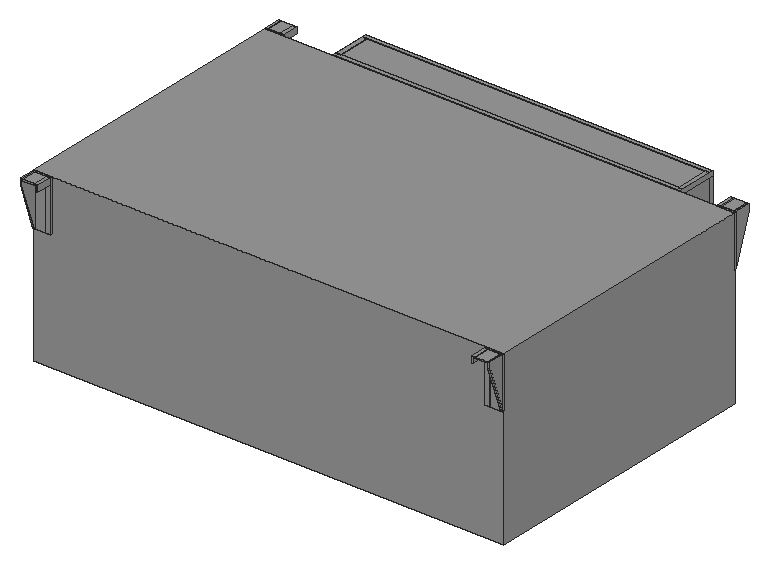
Revit family "НЕВАТОМ_Neiva 2 подвесная C-Е-R 1500, Версия 2", category Оборудование, Revit 2017
Family settings
  Размер круглого соединителя = Использовать диаметр
  Тип детали = Нормальный
  На основе рабочей плоскости = Да
  Всегда вертикально = Нет
  При загрузке вырезать с полостями = Нет
  Общий = Нет
  Точка расчета площади = Нет
Parameters (values of type "C-1500-E-R")
  длина между креплением = 1062 mm
  а ширина = 100 mm
  Default Elevation = 0 mm
  А6 = 320 mm
  А1 = 630 mm
  c = 131 mm
  Nevatom_Производительность = "1000-1800 м³/ч"
  Nevatom_Напорная характеристика, Р1 = 1000.0 Pa
  Nevatom_Напорная характеристика, P = 0.0 Pa
  Nevatom_Мощность нагревателя = 24000 W
  Nevatom_Q1, м³/ч = 2000.0 m³/h
  Nevatom_Q, м³/ч = 1000.0 m³/h
  H щита = 412 mm
  b длина = 835 mm
  Nevatom_Регулятор воздуха [instance] = ""
  Nevatom_Для задания электроснабжения [instance] = "380 В"
  Nevatom_URL [instance] = ""
  L = 1130 mm
  H = 412 mm
  D кабельного ввода PG 36 = 50 mm
  D кабельного ввода PG 21 = 32 mm
  B = 694 mm
  ADSK_Ток = 4.55 A
  ADSK_Расход воздуха = 0.0 m³/h
  ADSK_Размер_Ширина = B  # 694 mm
  ADSK_Размер_Длина = L  # 1130 mm
  ADSK_Размер_Высота = H  # 412 mm
  ADSK_Потеря давления воздуха = 0.0 Pa
  ADSK_Полная мощность = ADSK_Номинальная мощность / ADSK_Коэффициент мощности  # 747.5 VA
  ADSK_Позиция [instance] = ""
  ADSK_Номинальная мощность = 598 W
  ADSK_Напряжение = 230 V
  ADSK_Наименование = "C-1500-E-R"
  ADSK_Материал наименование [instance] = "сталь оцинкованная с покрытием"
  ADSK_Масса = 74  # constant formula
  ADSK_Марка [instance] = "C-1500-E-R"
  ADSK_Коэффициент мощности = 0.8  # constant formula
  ADSK_Количество фаз = 1
  ADSK_Количество = 1  # constant formula
  ADSK_Код изделия [instance] = ""
  ADSK_Классификация нагрузок = Двигатель
  ADSK_Завод-изготовитель [instance] = "NEVATOM"
  ADSK_Единица измерения [instance] = "шт."
Reference planes
  plane 1 "По центру (Вперед/Назад)": y = 0
  plane 2: z = 0
  plane 3 "По центру (Влево/Вправо)": x = 0
  plane 4: y = 347
  plane 5: x = 565
  plane 6: y = -347
  plane 7: x = -565
  plane 8: z = 412
  plane 9: x = 500
  plane 10: x = -500
  plane 11: y = -447
  plane 12: x = -401
  plane 13: x = 434
  plane 14: x = -536.5
  plane 15: x = 525.5
  plane 16: z = 362
  plane 17: z = 412
  plane 18: y = 447
Forms (mm)
  Extrusion 1, solid, material "Сталь, окрашенная, слоновая кость, блестящая"
    sketch origin (0, 1073.759, -352) x (1, 0, 0) y (0, 1, 0)
      loop
        line (-401, -626.759) -> (-401, -726.759) -> (434, -726.759) -> (434, -626.759) -> (-401, -626.759)
    from 352 to 362
  Extrusion 2, solid, material "Сталь, окрашенная, слоновая кость, блестящая"
    sketch origin (0, 0, 0) x (1, 0, 0) y (0, 1, 0)
      loop
        line (-565, 347) -> (-565, -347) -> (565, -347) -> (565, 347) -> (-565, 347)
    from 0 to 412
  Extrusion 3, solid, material "Сталь, окрашенная, слоновая кость, блестящая"
    sketch origin (0, 0, 0) x (1, 0, 0) y (0, 1, 0)
      loop
        line (-401, 347) -> (434, 347) -> (434, 357.139) -> (-401, 357.139) -> (-401, 347)
      loop
        line (-401, 446.49) -> (-401, 436.49) -> (434, 436.49) -> (434, 446.49) -> (-401, 446.49)
    from 0 to 412
  Extrusion 4, solid, material "Сталь, окрашенная, слоновая кость, блестящая"
    sketch origin (0, 0, 0) x (1, 0, 0) y (0, 1, 0)
      loop
        line (-401, 357.139) -> (-390.851, 357.139) -> (-390.851, 436.49) -> (-401, 436.49) -> (-401, 357.139)
    from 0 to 412
  Extrusion 5, solid, material "Сталь, окрашенная, слоновая кость, блестящая"
    sketch origin (761.851, 0, 0) x (1, 0, 0) y (0, 1, 0)
      loop
        line (-338, 357.139) -> (-327.851, 357.139) -> (-327.851, 436.49) -> (-338, 436.49) -> (-338, 357.139)
    from 0 to 412
  Extrusion 6, solid, material "Сталь, окрашенная, слоновая кость, блестящая"
    sketch origin (0, 1073.759, -72) x (1, 0, 0) y (0, 1, 0)
      loop
        line (-401, -626.759) -> (-401, -726.759) -> (434, -726.759) -> (434, -626.759) -> (-401, -626.759)
    from 474 to 484
Lines and regions (mm)
  reference lines
    curve 1: line (-565, -347, 0) -> (-401, -347, 0)
    curve 2: line (-565, -347, 0) -> (-401, -347, 0)
    curve 3: line (-565, -347, 0) -> (-401, -347, 0)
    curve 4: line (565, -347, 0) -> (434, -347, 0)
    curve 5: line (-565, -347, 0) -> (-401, -347, 0)
    curve 6: line (525.5, 0, 3.126) -> (525.5, 0, -1.874)
Dimensions and locks
  equal spacing: plane 7, plane 3 "По центру (Влево/Вправо)", plane 5
  equal spacing: plane 6, plane 1 "По центру (Вперед/Назад)", plane 4
  "B": plane 6 to plane 4
  "L": plane 7 to plane 5
  "а ширина": plane 6 to plane 11
  plane 8 to level = 412 mm
  "длина между креплением": plane 14 to plane 15
  "H": plane 8 to level
  locked: Extrusion 1 to Extrusion 1 at 10
  "b длина": plane 12 to plane 13
  "H щита": plane 17 to level
  "c": plane 13 to plane 5
  "а ширина": plane 18 to plane 4
  locked: Extrusion 3 to nested 9 at 49.502
  locked: Extrusion 3 to nested 8 at 50.222
  locked: Extrusion 3 to nested 7 at 50.222
  locked: Extrusion 3 to nested 6 at 49.27
  locked: Extrusion 3 to nested 10 at 49.49
  locked: Extrusion 3 to nested 5 at 49.49
  locked: Extrusion 6 to Extrusion 6 at 10  (x2)
  aligned and locked: level to plane 2
  aligned and locked: nested 1 to plane 6
  aligned and locked: plane 7 to nested 2
  aligned and locked: plane 4 to nested 2
  aligned and locked: nested 1 to plane 7
  aligned and locked: Extrusion 1 to level
  aligned and locked: Extrusion 2 sketch curve to plane 4
  aligned and locked: Extrusion 2 sketch curve to plane 5
  aligned and locked: Extrusion 2 sketch curve to plane 6
  aligned and locked: Extrusion 2 to level
  aligned and locked: Extrusion 2 to plane 8
  aligned and locked: Extrusion 2 to plane 7
  aligned and locked: plane 6 to nested 3
  aligned and locked: nested 4 to plane 4
  aligned and locked: plane 5 to nested 4
  aligned and locked: nested 3 to plane 5
  aligned and locked: nested 1 to plane 8
  aligned and locked: plane 8 to nested 3
  aligned and locked: nested 4 to plane 8
  aligned and locked: plane 8 to nested 2
  aligned and locked: Extrusion 1 to plane 4
  aligned and locked: plane 18 to Extrusion 1
  aligned and locked: plane 17 to Extrusion 3
  aligned and locked: plane 17 to Extrusion 5
  aligned and locked: plane 17 to Extrusion 4
  aligned and locked: plane 17 to Extrusion 6
Automatic sketch dimensions
  plane 6 to curve 5 = 0 mm
  curve 5 to plane 7 = 0 mm
  curve 2 to plane 7 = 0 mm
  curve 3 to plane 7 = 0 mm
  curve 3 to plane 12 = 0 mm
  plane 6 to curve 4 = 0 mm
  curve 4 to plane 13 = 0 mm
  curve 4 to plane 5 = 0 mm
  curve 6 to plane 15 = 0 mm
  curve 6 to level = 1.874 mm
  level to curve 6 = 3.126 mm
  Extrusion 1 sketch curve to plane 4 = 0 mm
  Extrusion 1 sketch curve to plane 12 = 0 mm
  Extrusion 1 sketch curve to plane 13 = 0 mm
  Extrusion 1 sketch curve to plane 18 = 0 mm
  Extrusion 2 sketch curve to plane 7 = 0 mm
  Extrusion 3 sketch curve to plane 4 = 0 mm
  Extrusion 3 sketch curve to plane 12 = 0 mm  (x2)
  Extrusion 3 sketch curve to plane 13 = 0 mm  (x2)
  Extrusion 3 sketch curve to Extrusion 3 sketch curve = 10.139 mm
  plane 18 to Extrusion 3 sketch curve = 10.51 mm
  plane 18 to Extrusion 3 sketch curve = 0.51 mm
  Extrusion 4 sketch curve to plane 12 = 0 mm
  Extrusion 4 sketch curve to Extrusion 4 sketch curve = 10.149 mm
  plane 18 to Extrusion 4 sketch curve = 10.51 mm
  Extrusion 4 sketch curve to plane 4 = 10.139 mm
  Extrusion 5 sketch curve to plane 13 = 0 mm
  plane 13 to Extrusion 5 sketch curve = 10.149 mm
  plane 18 to Extrusion 5 sketch curve = 10.51 mm
  Extrusion 5 sketch curve to plane 4 = 10.139 mm
  Extrusion 6 sketch curve to plane 4 = 0 mm
  Extrusion 6 sketch curve to plane 12 = 0 mm
  Extrusion 6 sketch curve to plane 13 = 0 mm
  Extrusion 6 sketch curve to plane 18 = 0 mm
Nested families
  nested 1: "NEVATOM_кронштейн" at (-542.156, -366.399, 285.206), type "NEVATOM_кронштейн"
  nested 2: "NEVATOM_кронштейн" at (-542.156, 366.399, 285.206), type "NEVATOM_кронштейн"
  nested 3: "NEVATOM_кронштейн" at (542.156, -366.399, 285.206) x (-1, 0, 0) z (0, 0, 1), type "NEVATOM_кронштейн"
  nested 4: "NEVATOM_кронштейн" at (542.156, 366.399, 285.206) x (-1, 0, 0) z (0, 0, 1), type "NEVATOM_кронштейн"
  nested 5: "NEVATOM_кабельный ввод PG 2" at (294, 397, 0) x (1, 0, 0) z (0, 0, -1), D <- "D кабельного ввода PG 36", type "Кабельный ввод PG"
    with h 35 mm, d 25 mm, D 50 mm
  nested 6: "NEVATOM_кабельный ввод PG 2" at (150, 397.22, 0) x (1, 0, 0) z (0, 0, -1), type "Кабельный ввод PG"
    with h 15.4 mm, d 11 mm, D 22 mm
  nested 7: "NEVATOM_кабельный ввод PG 2" at (91.707, 396.268, 0) x (1, 0, 0) z (0, 0, -1), type "Кабельный ввод PG"
    with h 15.4 mm, d 11 mm, D 22 mm
  nested 8: "NEVATOM_кабельный ввод PG 2" at (51.346, 396.268, 0) x (1, 0, 0) z (0, 0, -1), type "Кабельный ввод PG"
    with h 15.4 mm, d 11 mm, D 22 mm
  nested 9: "NEVATOM_кабельный ввод PG 2" at (11.011, 396.988, 0) x (0, -1, 0) z (0, 0, -1), type "Кабельный ввод PG"
    with h 15.4 mm, d 11 mm, D 22 mm
  nested 10: "NEVATOM_кабельный ввод PG 2" at (214, 397, 0) x (1, 0, 0) z (0, 0, -1), D <- "D кабельного ввода PG 21", type "Кабельный ввод PG"
    with h 22.4 mm, d 16 mm, D 32 mm
  nested 11: "NEVATOM_выключатель пластик" at (429, 401.838, 200) x (0, 1, 0) z (1, 0, 0), type "NEVATOM_выключатель пластик"
  nested 12: "NEVATOM_кабельный ввод PG 2" at (434, 396.49, 62) x (0, 1, 0) z (1, 0, 0), type "Кабельный ввод PG"
    with h 21 mm, d 15 mm, D 30 mm
Connectors
  hvac at (565, 0, 206), driven by "А6", driven by "А1", driven by "ADSK_Расход воздуха"
    settings: on Extrusion 2, index 1, duct flow 0.0 m³/h, flow factor 0, pres drop 0.0 Pa, loss coef 0, conn angle 0.00°, conn width 630 mm, conn height 320 mm, conn diameter 609.6 mm, duct sys type 1, conn prof type 1, flow config 0, flow direction 1, loss method 0, conn ref index 2, conn util no, is conn primary yes, conn desc ""
  hvac at (-565, 0, 206), driven by "А6", driven by "А1", driven by "ADSK_Расход воздуха"
    settings: on Extrusion 2, index 2, duct flow 0.0 m³/h, flow factor 0, pres drop 0.0 Pa, loss coef 0, conn angle 0.00°, conn width 630 mm, conn height 320 mm, conn diameter 609.6 mm, duct sys type 29, conn prof type 1, flow config 2, flow direction 2, loss method 0, conn ref index 1, conn util no, is conn primary no, conn desc ""
  electrical at (434, 396.49, 62)
    settings: on nested 12, index 3, voltage 0 V, apparent load 0 VA, apparent load phase1 0 VA, apparent load phase2 0 VA, apparent load phase3 0 VA, power factor 1, load classification "Прочее", number of poles 1, system type 5, power factor state 1, is connector primary yes, connector utility no, sub classification motor no, connector description ""
  electrical at (294, 397, 0), driven by "ADSK_Напряжение", driven by "ADSK_Полная мощность", driven by "ADSK_Коэффициент мощности"
    settings: on nested 5, index 4, voltage 230 V, apparent load 0 VA, apparent load phase1 747.5 VA, apparent load phase2 0 VA, apparent load phase3 0 VA, power factor 0.8, load classification "Прочее", number of poles 1, system type 31, power factor state 1, is connector primary no, connector utility no, sub classification motor no, connector description ""
  electrical at (214, 397, 0)
    settings: on nested 10, index 5, voltage 0 V, apparent load 0 VA, apparent load phase1 0 VA, apparent load phase2 0 VA, apparent load phase3 0 VA, power factor 1, load classification "Прочее", number of poles 1, system type 5, power factor state 1, is connector primary no, connector utility no, sub classification motor no, connector description ""
  electrical at (150, 397.22, 0)
    settings: on nested 6, index 6, voltage 0 V, apparent load 0 VA, apparent load phase1 0 VA, apparent load phase2 0 VA, apparent load phase3 0 VA, power factor 1, load classification "Прочее", number of poles 1, system type 5, power factor state 1, is connector primary no, connector utility no, sub classification motor no, connector description ""
  electrical at (91.707, 396.268, 0)
    settings: on nested 7, index 7, voltage 0 V, apparent load 0 VA, apparent load phase1 0 VA, apparent load phase2 0 VA, apparent load phase3 0 VA, power factor 1, load classification "Прочее", number of poles 1, system type 5, power factor state 1, is connector primary no, connector utility no, sub classification motor no, connector description ""
  electrical at (51.346, 396.268, 0)
    settings: on nested 8, index 8, voltage 0 V, apparent load 0 VA, apparent load phase1 0 VA, apparent load phase2 0 VA, apparent load phase3 0 VA, power factor 1, load classification "Прочее", number of poles 1, system type 5, power factor state 1, is connector primary no, connector utility no, sub classification motor no, connector description ""
  electrical at (11.011, 396.988, 0)
    settings: on nested 9, index 9, voltage 0 V, apparent load 0 VA, apparent load phase1 0 VA, apparent load phase2 0 VA, apparent load phase3 0 VA, power factor 1, load classification "Прочее", number of poles 1, system type 5, power factor state 1, is connector primary no, connector utility no, sub classification motor no, connector description ""
Definition of nested family "NEVATOM_кронштейн"
  Reference planes
    plane 1 "По центру (Вперед/Назад)": y = 0
    plane 2: z = 0
    plane 3 "По центру (Влево/Вправо)": x = 0
  Forms (mm)
    Extrusion 1, solid
      sketch origin (-545.844, 366.399, 0) x (0, 1, 0) y (0, 0, 1)
        loop
          line (-351.118, 126.794) -> (-389, 126.794) -> (-389, 111.794) -> (-351.118, 3.126) -> (-351.118, 126.794)
      from 523 to 527.712
    Extrusion 2, solid
      sketch origin (-545.844, 301.399, 0) x (1, 0, 0) y (0, 0, 1)
        loop
          line (557.712, 126.794) -> (557.712, 123.742) -> (561.763, 123.742) -> (561.763, 111.794) -> (565, 111.794) -> (565, 126.794) -> (557.712, 126.794)
      from 286.118 to 324
    Extrusion 3, solid
      sketch origin (-545.844, 301.399, 20) x (1, 0, 0) y (0, 0, 1)
        loop
          line (565, -16.874) -> (565, 106.794) -> (553, 106.794) -> (553, -16.874) -> (565, -16.874)
      from 282 to 286.118
    Extrusion 4, solid
      sketch origin (-545.844, 301.399, 20) x (1, 0, 0) y (0, 0, 1)
        loop
          line (565, -16.874) -> (565, 106.794) -> (523, 106.794) -> (523, -16.874) -> (565, -16.874)
      from 282 to 286.118
    Extrusion 5, solid
      sketch origin (-545.844, 301.399, 0) x (1, 0, 0) y (0, 0, 1)
        loop
          line (527.712, 126.794) -> (527.712, 123.742) -> (561.763, 123.742) -> (561.763, 111.794) -> (565, 111.794) -> (565, 126.794) -> (527.712, 126.794)
      from 286.118 to 324
  Dimensions and locks
    aligned and locked: level to plane 2
Definition of nested family "NEVATOM_кабельный ввод PG 2"
  Parameters (values of type "Кабельный ввод PG")
    Default Elevation = 1219.2 mm
    h [instance] = 0.7 * D  # 21 mm
    d [instance] = 0.5 * D  # 15 mm
    D [instance] = 30 mm
  Reference planes
    plane 1 "По центру (Вперед/Назад)": y = 0
    plane 2: z = 0
    plane 3 "По центру (Влево/Вправо)": x = 0
    plane 4: y = 15
    plane 5: y = -15
    plane 6: x = -15
    plane 7: x = 15
    plane 8: through (0, 0, 1219.2) normal (-0.7071, 0.7071, 0)
    plane 9: through (0, 0, 1219.2) normal (-0.7071, -0.7071, 0)
    plane 10: through (10.607, -10.607, 1219.2) normal (-0.7071, 0.7071, 0)
    plane 11: through (-10.607, 10.607, 1219.2) normal (-0.7071, 0.7071, 0)
    plane 12: through (10.607, 10.607, 1219.2) normal (-0.7071, -0.7071, 0)
    plane 13: through (-10.607, -10.607, 1219.2) normal (-0.7071, -0.7071, 0)
    plane 14: z = 30
    plane 15: z = 21
  Forms (mm)
    Extrusion 1, solid
      sketch origin (0, 0, 0) x (1, 0, 0) y (0, 1, 0)
        loop
          line (-1219.2, 1219.2) -> (-1219.2, -1219.2) -> (1219.2, -1219.2) -> (1219.2, 1219.2) -> (-1219.2, 1219.2)
      from 0 to -304.8
    Extrusion 2, solid
      sketch origin (0, 0, 0) x (1, 0, 0) y (0, 1, 0)
        loop
          line (-6.213, 15) -> (-15, 6.213) -> (-15, -6.213) -> (-6.213, -15) -> (6.213, -15) -> (15, -6.213) -> (15, 6.213) -> (6.213, 15) -> (-6.213, 15)
      from 0 to 21
    Blend 3, solid
      base sketch origin (0, 0, 0) x (1, 0, 0) y (0, 1, 0)
        loop
          circle (0, 0) r 15
      top sketch origin (0, 0, 0) x (1, 0, 0) y (0, 1, 0)
        loop
          circle (0, 0) r 7.5
      from 21 to 30
    Extrusion 4, void
      sketch origin (0, 0, 0) x (1, 0, 0) y (0, 1, 0)
        loop
          circle (0, 0) r 7.5
      from 0 to 30
  Cuts and joins
    Extrusion 4 cuts Extrusion 2
    Extrusion 4 cuts Blend 3
    joined: Extrusion 2, Blend 3
  Dimensions and locks
    equal spacing: plane 6, plane 3 "По центру (Влево/Вправо)", plane 7
    equal spacing: plane 4, plane 1 "По центру (Вперед/Назад)", plane 5
    "D": plane 6 to plane 7
    "D": plane 4 to plane 5
    equal spacing: plane 11, plane 8, plane 10
    "D": plane 11 to plane 10
    equal spacing: plane 12, plane 9, plane 13
    "D": plane 12 to plane 13
    "D": plane 14 to Extrusion 1
    "h": plane 15 to Extrusion 1
    "D": diameter of Blend 3 sketch curve
    "d": diameter of Blend 3 sketch curve
    "d": diameter of Extrusion 4 sketch curve
    aligned and locked: plane 2 to Extrusion 1
    aligned and locked: level to Extrusion 1
    aligned and locked: Extrusion 2 sketch curve to plane 4
    aligned and locked: Extrusion 2 sketch curve to plane 12
    aligned and locked: plane 7 to Extrusion 2 sketch curve
    aligned and locked: plane 10 to Extrusion 2 sketch curve
    aligned and locked: plane 5 to Extrusion 2 sketch curve
    aligned and locked: plane 13 to Extrusion 2 sketch curve
    aligned and locked: Extrusion 2 sketch curve to plane 6
    aligned and locked: Extrusion 2 sketch curve to plane 11
    aligned and locked: plane 15 to Extrusion 2
    aligned and locked: plane 14 to Blend 3
    aligned and locked: Blend 3 to plane 15
    aligned and locked: plane 14 to Extrusion 4
  Automatic sketch dimensions
    Extrusion 1 sketch curve to Extrusion 1 sketch curve = 2438.4 mm  (x2)
    plane 1 "По центру (Вперед/Назад)" to Blend 3 sketch curve = 0 mm  (x2)
    Blend 3 sketch curve to plane 3 "По центру (Влево/Вправо)" = 0 mm  (x2)
    plane 1 "По центру (Вперед/Назад)" to Extrusion 4 sketch curve = 0 mm
    Extrusion 4 sketch curve to plane 3 "По центру (Влево/Вправо)" = 0 mm
Definition of nested family "NEVATOM_выключатель пластик"
  Parameters (values of type "NEVATOM_выключатель пластик")
    Default Elevation = 1219.2 mm
    h = 18 mm
    b = 44 mm
    a = 44 mm
  Reference planes
    plane 1 "По центру (Вперед/Назад)": y = 0
    plane 2: z = 0
    plane 3 "По центру (Влево/Вправо)": x = 0
    plane 4: x = -22
    plane 5: x = 22
    plane 6: y = -22
    plane 7: y = 22
    plane 8: z = 18
  Forms (mm)
    Extrusion 1, solid
      sketch origin (0, 0, 0) x (1, 0, 0) y (0, 1, 0)
        loop
          line (-22, 22) -> (-22, -22) -> (22, -22) -> (22, 22) -> (-22, 22)
      from 5 to 10
    Extrusion 2, solid
      sketch origin (0, 0, 0) x (1, 0, 0) y (0, 1, 0)
        loop
          circle (0, 0) r 17.083
        loop
          circle (0, 0) r 13.032
      from 10 to 20
    Extrusion 3, solid
      sketch origin (0, 0, 0) x (1, 0, 0) y (0, 1, 0)
        loop
          line (-1.523, -13.032) -> (1.565, -13.032) -> (1.565, 12.938) -> (-1.523, 12.938) -> (-1.523, -13.032)
      from 5 to 20
  Cuts and joins
    joined: Extrusion 1, Extrusion 2
  Dimensions and locks
    equal spacing: plane 7, plane 1 "По центру (Вперед/Назад)", plane 6
    "a": plane 7 to plane 6
    equal spacing: plane 4, plane 3 "По центру (Влево/Вправо)", plane 5
    "b": plane 4 to plane 5
    "h": plane 8 to level
    aligned and locked: level to plane 2
  Automatic sketch dimensions
    Extrusion 1 sketch curve to plane 4 = 0 mm
    Extrusion 1 sketch curve to plane 5 = 0 mm
    Extrusion 1 sketch curve to plane 6 = 0 mm
    Extrusion 1 sketch curve to plane 7 = 0 mm
    Extrusion 2 sketch curve to Extrusion 2 sketch curve = 0 mm  (x2)
    plane 1 "По центру (Вперед/Назад)" to Extrusion 2 sketch curve = 0 mm
    Extrusion 2 sketch curve to plane 3 "По центру (Влево/Вправо)" = 0 mm
    Extrusion 3 sketch curve to plane 3 "По центру (Влево/Вправо)" = 1.523 mm
    plane 3 "По центру (Влево/Вправо)" to Extrusion 3 sketch curve = 1.565 mm
    plane 6 to Extrusion 3 sketch curve = 8.968 mm
    Extrusion 3 sketch curve to plane 7 = 9.062 mm
    radius of Extrusion 2 sketch curve = 17.083 mm
    radius of Extrusion 2 sketch curve = 13.032 mm
